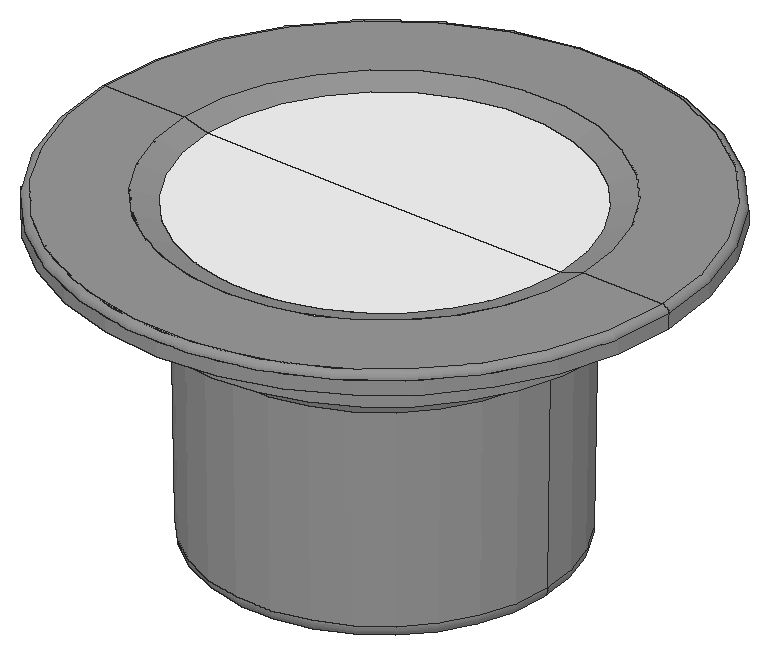
Revit family "0005370", category Lighting Fixtures, host Face, Revit 2016
Family settings
  Host = Face
  Part Type = Normal
  Round Connector Dimension = Use Diameter
  OmniClass Number = 23.80.70.00
  OmniClass Title = Lighting
  Cut with Voids When Loaded = No
  Light Source = Yes
  Shared = No
  Room Calculation Point = No
Parameters (values of type "0005370 START eco Spot 420lm 830 IP44 WHT")
  Weight = "kg"
  Wattage Comments = ""
  Wattage = 5 W
  WarrantyStartDate [instance] = "n/a"
  WarrantyGuarantorParts = "n/a"
  WarrantyDurationUnit = "n/a"
  WarrantyDurationParts = "n/a"
  WarrantyDescription = "n/a"
  built-in parameter 1150110 = 1 (stored number, unit not read)
  Voltage = 230 V
  URL = "http://www.sylvania-lighting.com"
  TypeName = "Start eco Spot 420lm 830 IP44 WHT"
  Type Image = <None>
  Type Comments = "n/a"
  built-in parameter 1114217 = 1 (stored number, unit not read)
  Tilt Angle = -90.00°
  built-in parameter 1150109 = 1 (stored number, unit not read)
  built-in parameter 1150134 = (empty or 0)
  built-in parameter 1150113 = 1 (stored number, unit not read)
  SerialNumber [instance] = "n/a"
  Photometric Web File = "0005370.ies"
  Material_3_SYL = none
  PowerFactor = 0
  PowerConsumption = "5 W"
  NominalLength = 87 mm
  NominalHeight = 47 mm
  NominalDepth = 87 mm
  Name = "Start eco Spot 420lm 830 IP44 WHT"
  ModelReference = Name  # "Start eco Spot 420lm 830 IP44 WHT"
  ModelNumber = "0005370"
  Model = Name  # "Start eco Spot 420lm 830 IP44 WHT"
  Material = "n/a"
  ManufacturerName = "Feilo Sylvania"
  Manufacturer = "Feilo Sylvania"
  LuminousEfficacy = "84 lm/W"
  built-in parameter 1150105 = 683.52 (stored number, unit not read)
  Lumens = 420 lm
  LuminaireType = ""
  built-in parameter 1150115 = 1 (stored number, unit not read)
  LightOutputRatio = "n/a"
  built-in parameter 1150137 = (empty or 0)
  built-in parameter 1150139 = (empty or 0)
  LampsType = Lamp  # "LED"
  LampNominalLuminous = "n/a"
  LampMacAdamStep = "n/a"
  LampColourTemperature = "3000 K"
  LampColourRenderingIndex = "n/a"
  built-in parameter 1150112 = 1 (stored number, unit not read)
  built-in parameter 1150114 = 1 (stored number, unit not read)
  Lamp = "LED"
  Keynote = "16500"
  InstallationDate [instance] = "n/a"
  InputVoltage = "220-240 V~"
  InputNominalFrequency = "50/60/Hz"
  built-in parameter 1150132 = (empty or 0)
  built-in parameter 1150102 = (empty or 0)
  built-in parameter 1150107 = 3000 (stored number, unit not read)
  built-in parameter 1150138 = (empty or 0)
  IngressProtection = "IP20/IP44"
  ImpactProtectionIndex = "IK03"
  built-in parameter 1150106 = 6.8352 (stored number, unit not read)
  IfcExportType = "IfcLightFixtureType"
  IfcExportAs = "IfcLightFixtureType"
  Emit from Circle Diameter = 54 mm
  Emit Shape Visible in Rendering = no
  ElectricShockClassification = "Class II"
  built-in parameter 1150104 = 7.8039 (stored number, unit not read)
  DocumentationLiterature = "http://www.sylvania-lighting.com/product/en-int/products/0005370"
  DimmingControlOptions = "Non dimmable"
  Material_2_SYL = Diffuser-Sylvania
  Dimming Lamp Color Temperature Shift = <None>
  Description = ""
  Default Elevation = 1219.2 mm
  CreatedOn = "3/7/2019"
  CreatedBy = "@sylvania-lighting.com"
  Cost = 0
  Color Filter = 16777215
  built-in parameter 1114216 [instance] = (empty or 0)
  ClassificationValue = "EF_70_80"
  ClassificationName = "Uniclass2015"
  Material_1_SYL = Plastic, Opaque White
  BarCode [instance] = "n/a"
  built-in parameter 1114218 = 1 (stored number, unit not read)
  built-in parameter 1150133 = 10 (stored number, unit not read)
  AssetType = "Fixed"
  AssetIdentifier [instance] = "n/a"
  Assembly Code = "D5020200"
  Apparent Load = 5 VA
  Material_4_SYL = none
Reference planes
  plane 1 "Center (Front/Back)": y = 0
  plane 2: z = 0
  plane 3 "Center (Left/Right)": x = 0
  plane 4: x = -35
  plane 5: z = -100
  plane 6: z = 3
  plane 7: x = -43.5
  plane 8: z = 2
  plane 9: x = -42.5
  plane 10: x = -30.5
  plane 11: x = -27
  plane 12: x = -33
  plane 13: z = -7.5
  plane 14: z = -9.5
  plane 15: x = -25.5
  plane 16: z = -12.5
  plane 17: z = -44
  plane 18: x = -25
Forms (mm)
  Revolve 1, void
    sketch origin (0, 0, 0) x (1, 0, 0) y (0, 0, 1)
      loop
        line (0, 0) -> (-35, 0) -> (-35, -100) -> (0, -100) -> (0, 0)
      axis (0, 0) -> (0, -100)
    angle from 360 to 0
  Revolve 2, solid, material "Plastic, Opaque White" <- "Material_1_SYL"
    sketch origin (0, 0, 0) x (1, 0, 0) y (0, 0, 1)
      loop
        line (0, 2) -> (-27, 2) -> (-30.5, 3) -> (-42.5, 3)
        arc (-42.5, 3) -> (-43.207, 2.707) -> (-43.5, 2) r 1
        line (-43.5, 2) -> (-43.5, 0) -> (-33, 0) -> (-33, -7.5) -> (-27, -7.5) -> (-27, -9.5) -> (-25.5, -12.5) -> (-25.031, -42.032)
        arc (-25.031, -42.032) -> (-24.434, -43.425) -> (-23.031, -44) r 2
        line (-23.031, -44) -> (0, -44) -> (0, 2)
      axis (0, 3) -> (0, -44)
    angle from 360 to 0
Lines and regions (mm)
  reference lines
    curve 1: line (-25, 0, -44) -> (-25.5, 0, -12.5)
Dimensions and locks
  locked: plane 3 "Center (Left/Right)" to plane 4 at 35
  locked: plane 2 to plane 5 at 100
  locked: plane 6 to plane 2 at 3
  locked: plane 3 "Center (Left/Right)" to plane 7 at 43.5
  locked: plane 6 to plane 8 at 1
  locked: plane 9 to plane 7 at 1
  locked: plane 3 "Center (Left/Right)" to plane 10 at 30.5
  locked: plane 3 "Center (Left/Right)" to plane 11 at 27
  locked: plane 3 "Center (Left/Right)" to plane 12 at 33
  locked: plane 2 to plane 13 at 7.5
  locked: plane 13 to plane 14 at 2
  locked: plane 3 "Center (Left/Right)" to plane 15 at 25.5
  locked: plane 14 to plane 16 at 3
  locked: plane 6 to plane 17 at 47
  locked: plane 3 "Center (Left/Right)" to plane 18 at 25
  aligned and locked: plane 2 to host face
  aligned and locked: level to host face
  aligned and locked: Revolve 1 sketch curve to plane 3 "Center (Left/Right)"
  aligned and locked: level to Revolve 1 sketch curve
  aligned and locked: plane 3 "Center (Left/Right)" to Revolve 1 sketch curve
  aligned and locked: Revolve 1 sketch curve to plane 4
  aligned and locked: plane 5 to Revolve 1 sketch curve
  aligned and locked: plane 3 "Center (Left/Right)" to Revolve 2 sketch curve  (x2)
  aligned and locked: Revolve 2 sketch curve to plane 8
  aligned and locked: plane 6 to Revolve 2 sketch curve
  aligned and locked: Revolve 2 sketch curve to plane 6
  aligned and locked: level to Revolve 2 sketch curve
  aligned and locked: Revolve 2 sketch curve to plane 7
  aligned and locked: plane 12 to Revolve 2 sketch curve
  aligned and locked: Revolve 2 sketch curve to level
  aligned and locked: Revolve 2 sketch curve to plane 12
  aligned and locked: plane 13 to Revolve 2 sketch curve
  aligned and locked: plane 9 to Revolve 2 sketch curve
  aligned and locked: plane 8 to Revolve 2 sketch curve
  aligned and locked: plane 14 to Revolve 2 sketch curve
  aligned and locked: Revolve 2 sketch curve to plane 11
  aligned and locked: plane 15 to Revolve 2 sketch curve
  aligned and locked: plane 17 to Revolve 2 sketch curve
  aligned and locked: plane 18 to curve 1
  aligned and locked: plane 17 to curve 1
  aligned and locked: plane 16 to curve 1
  aligned and locked: plane 15 to curve 1
  aligned and locked: Revolve 2 sketch curve to curve 1
  aligned and locked: plane 3 "Center (Left/Right)" to imposter light
  aligned and locked: imposter light to plane 8
  aligned and locked: imposter light to plane 1 "Center (Front/Back)"
Connectors
  electrical at (0, 0, 0), driven by "Apparent Load", driven by "PowerFactor", driven by "Voltage"
    settings: index 1, voltage 230 V, apparent load 5 VA, apparent load phase1 0 VA, apparent load phase2 0 VA, apparent load phase3 0 VA, power factor 0, load classification "Lighting", number of poles 1, system type 30, power factor state 1, is connector primary yes, connector utility no, sub classification motor no, connector description ""
